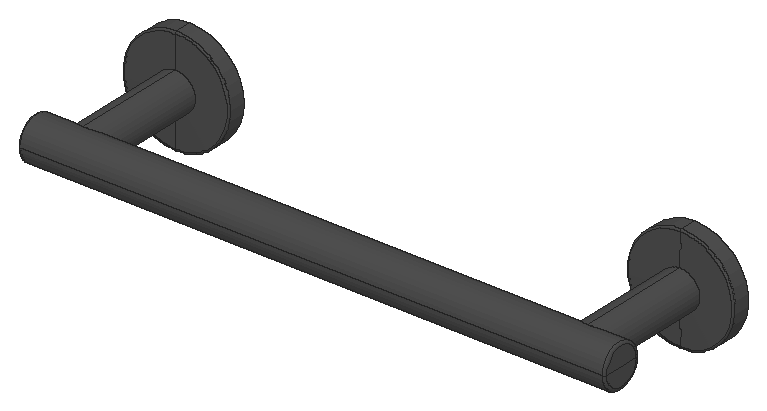
Revit family "Reece_Accessory_Roca_Ona_Single Towel Rail", category Plumbing Fixtures, Revit 2018
Family settings
  Round Connector Dimension = Use Diameter
  Part Type = Normal
  Work Plane-Based = Yes
  Always vertical = Yes
  Cut with Voids When Loaded = Yes
  Shared = Yes
  Room Calculation Point = Yes
Parameters (values of type "260mm_Matte Black")
  URL = "https://www.reece.com.au/product/-15068"
  Type Comments = "Accessory"
  Reece_Rail_Width = Reece_Fixing_Distance + 42.0 mm  # 302.0 mm
  Reece_Product_Web Page = "https://www.reece.com.au/product/-15068"
  Reece_Product_Type = "Accessory"  # constant formula
  Reece_Product_Sub Brand = "Ona"  # constant formula
  Reece_Product_Number = "15068"
  Reece_Product_Mount = "Wall Mounted"  # constant formula
  Reece_Product_Description = "Roca Ona Single Towel Rail 300mm Matte Black"
  Reece_Product_Brand = "Roca"  # constant formula
  Reece_Overall_Width = Reece_Fixing_Distance + 55.0 mm  # 315.0 mm
  Reece_Overall_Projection = 84.5 mm  # constant formula
  Reece_Overall_Height [instance] = 55.0 mm  # constant formula
  Reece_Material_Main = Reece_Brass_Matte Black
  Reece_Height_From_Level [instance] = 1000.0 mm
  Reece_Fixing_Limit [instance] = if(Reece_Height_From_Level < 28.0 mm, 28.0 mm, if(Reece_Height_From_Level > 28.0 mm, Reece_Height_From_Level, Reece_Height_From_Level))  # 1000.0 mm
  Reece_Fixing_Distance = 260.0 mm
  Reece_Detail_Shape = ""
  Reece_Detail_Installation = ""
  Reece_Detail_Disclaimer = "THIS FILE IS THE PROPERTY OF THE REECE GROUP. IT MAY NOT BE REPRODUCED, REVERSE-ENGINEERED, OR MODIFIED. ANY REPUBLICATION, TRANSMISSION, OR DISTRIBUTION FOR THE PURPOSE OF COMMERCIALLY EXPLOITING THE FILES IS PROHIBITED."  # constant formula
  Reece_Detail_Additional = "Single Towel Rail\r\n"  # constant formula
  Model = "Ona"
  Manufacturer = "Roca"
  Keynote = "Product #15068, Reece_Accessory_Roca_Ona_Single Towel Rail - 260mm_Matte Black"
  Disclaimer = "THIS FILE IS THE PROPERTY OF THE REECE GROUP. IT MAY NOT BE REPRODUCED, REVERSE-ENGINEERED, OR MODIFIED. ANY REPUBLICATION, TRANSMISSION, OR DISTRIBUTION FOR THE PURPOSE OF COMMERCIALLY EXPLOITING THE FILES IS PROHIBITED."  # constant formula
  Description = "Roca Ona Single Towel Rail 300mm Matte Black"
  Default Elevation = 0.0 mm
Types (11, lengths in mm): name | URL | Reece_Rail_Width | Reece_Product_Web Page | Reece_Product_Number | Reece_Product_Description | Reece_Overall_Width | Reece_Material_Main | Reece_Fixing_Distance | Keynote | Description
  (no name) | "https://www.reece.com.au/product/-15067" | 302.0 | "https://www.reece.com.au/product/-15067" | "15067" | "Roca Ona Single Towel Rail 300mm Chrome" | 315.0 | Reece_Brass_Chrome | 260.0 | "Product #15067, Reece_Accessory_Roca_Ona_Single Towel Rail -  " | "Roca Ona Single Towel Rail 300mm Chrome"
  260mm_Matte Black | "https://www.reece.com.au/product/-15068" | 302.0 | "https://www.reece.com.au/product/-15068" | "15068" | "Roca Ona Single Towel Rail 300mm Matte Black" | 315.0 | Reece_Brass_Matte Black | 260.0 | "Product #15068, Reece_Accessory_Roca_Ona_Single Towel Rail - 260mm_Matte Black" | "Roca Ona Single Towel Rail 300mm Matte Black"
  260mm_Brushed Nickel | "https://www.reece.com.au/product/-15070" | 302.0 | "https://www.reece.com.au/product/-15070" | "15070" | "Roca Ona Single Towel Rail 300mm Brushed Nickel" | 315.0 | Reece_Brass_Brushed Nickel | 260.0 | "Product #15070, Reece_Accessory_Roca_Ona_Single Towel Rail - 260mm_Brushed Nickel" | "Roca Ona Single Towel Rail 300mm Brushed Nickel"
  260mm_Brushed Brass | "https://www.reece.com.au/product/-15071" | 302.0 | "https://www.reece.com.au/product/-15071" | "15071" | "Roca Ona Single Towel Rail 300mm Brushed Brass" | 315.0 | Reece_Brass_Brushed | 260.0 | "Product #15071, Reece_Accessory_Roca_Ona_Single Towel Rail - 260mm_Brushed Brass" | "Roca Ona Single Towel Rail 300mm Brushed Brass"
  260mm_Chrome | "https://www.reece.com.au/product/-15067" | 302.0 | "https://www.reece.com.au/product/-15067" | "15067" | "Roca Ona Single Towel Rail 300mm Chrome" | 315.0 | Reece_Brass_Chrome | 260.0 | "Product #15067, Reece_Accessory_Roca_Ona_Single Towel Rail - 260mm_Chrome" | "Roca Ona Single Towel Rail 300mm Chrome"
  260mm_Matte White | "https://www.reece.com.au/product/-15069" | 302.0 | "https://www.reece.com.au/product/-15069" | "15069" | "Roca Ona Single Towel Rail 300mm Matte White" | 315.0 | Reece_Brass_Brushed Matte White | 260.0 | "Product #15069, Reece_Accessory_Roca_Ona_Single Towel Rail - 260mm_Matte White" | "Roca Ona Single Towel Rail 300mm Matte White"
  744mm_Matte White | "https://www.reece.com.au/product/-15074" | 786.0 | "https://www.reece.com.au/product/-15074" | "15074" | "Roca Ona Single Towel Rail 800mm Matte White" | 799.0 | Reece_Brass_Brushed Matte White | 744.0 | "Product #15074, Reece_Accessory_Roca_Ona_Single Towel Rail - 744mm_Matte White" | "Roca Ona Single Towel Rail 800mm Matte White"
  744mm_Matte Black | "https://www.reece.com.au/product/-15073" | 786.0 | "https://www.reece.com.au/product/-15073" | "15073" | "Roca Ona Single Towel Rail 800mm Matte Black" | 799.0 | Reece_Brass_Matte Black | 744.0 | "Product #15073, Reece_Accessory_Roca_Ona_Single Towel Rail - 744mm_Matte Black" | "Roca Ona Single Towel Rail 800mm Matte Black"
  744mm_Brushed Brass | "https://www.reece.com.au/product/-15076" | 786.0 | "https://www.reece.com.au/product/-15076" | "15076" | "Roca Ona Single Towel Rail 800mm Brushed Brass" | 799.0 | Reece_Brass_Brushed | 744.0 | "Product #15076, Reece_Accessory_Roca_Ona_Single Towel Rail - 744mm_Brushed Brass" | "Roca Ona Single Towel Rail 800mm Brushed Brass"
  744mm_Brushed Nickel | "https://www.reece.com.au/product/-15075" | 786.0 | "https://www.reece.com.au/product/-15075" | "15075" | "Roca Ona Single Towel Rail 800mm Brushed Nickel" | 799.0 | Reece_Brass_Brushed Nickel | 744.0 | "Product #15075, Reece_Accessory_Roca_Ona_Single Towel Rail - 744mm_Brushed Nickel" | "Roca Ona Single Towel Rail 800mm Brushed Nickel"
  744mm_Chrome | "https://www.reece.com.au/product/-15072" | 786.0 | "https://www.reece.com.au/product/-15072" | "15072" | "Roca Ona Single Towel Rail 800mm Chrome" | 799.0 | Reece_Brass_Chrome | 744.0 | "Product #15072, Reece_Accessory_Roca_Ona_Single Towel Rail - 744mm_Chrome" | "Roca Ona Single Towel Rail 800mm Chrome"
Reference planes
  plane 1 "Center (Front/Back)": y = 0
  plane 2: z = -5
  plane 3 "Center (Left/Right)": x = 0
  plane 4 "Ref": z = 1000
  plane 5 "L": x = -130
  plane 6 "R": x = 130
  plane 7: x = -151
  plane 8: x = 151
  plane 9: y = -84.5
  plane 10: x = -27.5
  plane 11: y = -73.5
  plane 12: y = -73.5
  plane 13: z = 1027.5
  plane 14: z = 972.5
  plane 15: x = -157.5
  plane 16: x = 157.5
Forms (mm)
  Revolve 1, void
    sketch origin (-130, -14.5, 0) x (0, 0, 1) y (0, -1, 0)
      loop
        line (988.971, 7.5) -> (988.971, 4.5) -> (991.15, 4.5)
        arc (991.15, 4.5) -> (990.806, 5.982) -> (990.69, 7.5) r 10.021
        line (990.69, 7.5) -> (988.971, 7.5)
      axis (991.15, 7.5) -> (988.971, 7.5)
    angle from 0 to 360
  Extrusion 2, void
    sketch origin (-46.5, 0, 1000) x (-1, 0, 0) y (0, -1, 0)
      loop
        line (83.5, 23.424) -> (82.267, 22.712) -> (82.267, 21.288) -> (83.5, 20.576) -> (84.733, 21.288) -> (84.733, 22.712) -> (83.5, 23.424)
      loop
        line (83.5, 38.424) -> (82.267, 37.712) -> (82.267, 36.288) -> (83.5, 35.576) -> (84.733, 36.288) -> (84.733, 37.712) -> (83.5, 38.424)
    from -13.157 to 0
  Revolve 3, solid, material "Reece_Brass_Matte Black" <- "Reece_Material_Main"
    sketch origin (-1534.635, -4572, 1000) x (-1, 0, 0) y (0, -1, 0)
      loop
        line (-1383.635, -4498.5) -> (-1685.635, -4498.5) -> (-1685.635, -4508)
        arc (-1685.635, -4508) -> (-1685.362, -4508.901) -> (-1684.635, -4509.5) r 1.625
        line (-1684.635, -4509.5) -> (-1384.635, -4509.5)
        arc (-1384.635, -4509.5) -> (-1383.907, -4508.901) -> (-1383.635, -4508) r 1.625
        line (-1383.635, -4508) -> (-1383.635, -4498.5)
      axis (-1383.635, -4498.5) -> (-1685.635, -4498.5)
    angle from 0 to 360
  Revolve 4, solid, material "Reece_Brass_Matte Black" <- "Reece_Material_Main"
    sketch origin (-130, 0, 0) x (0, 0, 1) y (0, -1, 0)
      loop
        line (1000, 0) -> (1000, 75) -> (990, 75) -> (990, 9.5) -> (973.286, 9.213)
        arc (973.286, 9.213) -> (972.729, 8.974) -> (972.5, 8.414) r 0.8
        line (972.5, 8.414) -> (972.5, 0) -> (1000, 0)
      axis (1000, 0) -> (1000, 75)
    angle from 0 to 360
  Revolve 5, solid, material "Reece_Brass_Matte Black" <- "Reece_Material_Main"
    sketch origin (130, -4572, 1034.431) x (0, 0, 1) y (0, -1, 0)
      loop
        line (-34.431, -4572) -> (-34.431, -4497) -> (-44.431, -4497) -> (-44.431, -4562.5) -> (-61.144, -4562.787)
        arc (-61.144, -4562.787) -> (-61.701, -4563.026) -> (-61.931, -4563.586) r 0.8
        line (-61.931, -4563.586) -> (-61.931, -4572) -> (-34.431, -4572)
      axis (-34.431, -4572) -> (-34.431, -4497)
    angle from 0 to 360
  Extrusion 6, void
    sketch origin (46.5, 0, 1000) x (1, 0, 0) y (0, 1, 0)
      loop
        line (83.5, -23.424) -> (84.733, -22.712) -> (84.733, -21.288) -> (83.5, -20.576) -> (82.267, -21.288) -> (82.267, -22.712) -> (83.5, -23.424)
      loop
        line (83.5, -38.424) -> (84.733, -37.712) -> (84.733, -36.288) -> (83.5, -35.576) -> (82.267, -36.288) -> (82.267, -37.712) -> (83.5, -38.424)
    from -13.157 to 0
  Revolve 7, void
    sketch origin (-130, -29.5, 0) x (0, 0, 1) y (0, -1, 0)
      loop
        line (988.971, 7.5) -> (988.971, 4.5) -> (991.15, 4.5)
        arc (991.15, 4.5) -> (990.806, 5.982) -> (990.69, 7.5) r 10.021
        line (990.69, 7.5) -> (988.971, 7.5)
      axis (991.15, 7.5) -> (988.971, 7.5)
    angle from 0 to 360
  Revolve 8, void
    sketch origin (130, 0, 0) x (0, 0, 1) y (0, -1, 0)
      loop
        line (988.971, 22) -> (988.971, 19) -> (991.15, 19)
        arc (991.15, 19) -> (990.806, 20.482) -> (990.69, 22) r 10.021
        line (990.69, 22) -> (988.971, 22)
      axis (991.15, 22) -> (988.971, 22)
    angle from 0 to 360
  Revolve 9, void
    sketch origin (130, 0, 0) x (0, 0, 1) y (0, -1, 0)
      loop
        line (988.971, 37) -> (988.971, 34) -> (991.15, 34)
        arc (991.15, 34) -> (990.806, 35.482) -> (990.69, 37) r 10.021
        line (990.69, 37) -> (988.971, 37)
      axis (991.15, 37) -> (988.971, 37)
    angle from 0 to 360
Cuts and joins
  Extrusion 6, Revolve 7, Revolve 8, Revolve 9 cuts Revolve 3
  Revolve 1, Extrusion 2, Extrusion 6, Revolve 7, Revolve 8, Revolve 9 cuts Revolve 4
  Extrusion 6, Revolve 7, Revolve 8, Revolve 9 cuts Revolve 5
  joined: Revolve 3, Revolve 4, Revolve 5
Lines and regions (mm)
  model lines, style "InvisibleLines"
    curve 1: line (0, 0, -5) -> (0, 0, 1000)
Text (mm)
  text "Reece Copyright © 2018, Reece Ltd." at (-461.788, -247.629, 0), in view "Ref. Level"
  text "Reece ©" at (-193.423, 516.328, 624.09), in view "Reece Preview"
Dimensions and locks
  plane 4 "Ref" to Revolve 1 sketch curve to Revolve 1 sketch curve to Revolve 1 sketch curve = 8.85 mm locked, 0.46 mm locked, 1.72 mm locked
  "Reece_Overall_Projection": plane 9 to plane 1 "Center (Front/Back)"
  locked: plane 12 to plane 9 at 11
  equal spacing: plane 5 "L", plane 3 "Center (Left/Right)", plane 6 "R"
  "Reece_Fixing_Distance": plane 5 "L" to plane 6 "R"
  equal spacing: plane 7, plane 3 "Center (Left/Right)", plane 8
  "Reece_Rail_Width": plane 7 to plane 8
  locked: plane 7 to Revolve 3 sketch curve at 1
  locked: Revolve 3 sketch curve to plane 8 at 1
  "Reece_Fixing_Limit": plane 4 "Ref" to level
  plane 4 "Ref" to Revolve 4 sketch curve to Revolve 4 sketch curve to Revolve 4 sketch curve = 10.0 mm locked, 16.714 mm locked, 0.786 mm locked
  plane 4 "Ref" to Revolve 5 sketch curve to Revolve 5 sketch curve to Revolve 5 sketch curve = 10.0 mm locked, 16.714 mm locked, 0.786 mm locked
  Revolve 7 sketch curve to Revolve 7 sketch curve to Revolve 7 sketch curve = 0.46 mm locked, 1.72 mm locked
  Revolve 8 sketch curve to Revolve 8 sketch curve to Revolve 8 sketch curve = 0.46 mm locked, 1.72 mm locked
  Revolve 9 sketch curve to Revolve 9 sketch curve to Revolve 9 sketch curve = 0.46 mm locked, 1.72 mm locked
  equal spacing: plane 14, plane 4 "Ref", plane 13
  "Reece_Overall_Height": plane 14 to plane 13
  equal spacing: plane 15, plane 3 "Center (Left/Right)", plane 16
  "Reece_Overall_Width": plane 15 to plane 16
  aligned and locked: Revolve 3 sketch curve to plane 11
  aligned and locked: plane 7 to Revolve 3 sketch curve
  aligned and locked: Revolve 3 sketch curve to plane 8
  aligned and locked: Revolve 4 sketch curve to plane 4 "Ref"
  aligned and locked: plane 4 "Ref" to Revolve 5 sketch curve
Automatic sketch dimensions
  curve 1 to plane 3 "Center (Left/Right)" = 0.0 mm
  curve 1 to plane 2 = 0.0 mm
  curve 1 to plane 4 "Ref" = 0.0 mm
  plane 4 "Ref" to Revolve 1 sketch curve = 0.711 mm
  plane 1 "Center (Front/Back)" to Revolve 1 sketch curve = 19.0 mm
  plane 1 "Center (Front/Back)" to Revolve 1 sketch curve = 22.0 mm
  Revolve 1 sketch curve to Revolve 1 sketch curve = 571.832 mm
  Revolve 1 sketch curve to Revolve 1 sketch curve = 50.0 mm
  Extrusion 2 sketch curve to plane 5 "L" = 0.0 mm  (x4)
  plane 5 "L" to Extrusion 2 sketch curve = 1.233 mm  (x2)
  Extrusion 2 sketch curve to plane 5 "L" = 1.233 mm  (x2)
  plane 1 "Center (Front/Back)" to Extrusion 2 sketch curve = 20.576 mm
  Extrusion 2 sketch curve to Extrusion 2 sketch curve = 0.712 mm  (x6)
  Extrusion 2 sketch curve to Extrusion 2 sketch curve = 1.424 mm  (x4)
  Extrusion 2 sketch curve to Extrusion 2 sketch curve = 12.152 mm
  plane 11 to Revolve 3 sketch curve = 0.0 mm
  Revolve 3 sketch curve to plane 8 = 1.625 mm
  Revolve 3 sketch curve to Revolve 3 sketch curve = 1.625 mm
  plane 11 to Revolve 3 sketch curve = 9.5 mm
  plane 6 "R" to Revolve 3 sketch curve = 14.402 mm
  Revolve 3 sketch curve to plane 7 = 97.902 mm
  Revolve 4 sketch curve to plane 1 "Center (Front/Back)" = 0.0 mm
  Revolve 4 sketch curve to plane 4 "Ref" = 0.0 mm
  Revolve 4 sketch curve to Revolve 4 sketch curve = 0.8 mm
  plane 1 "Center (Front/Back)" to Revolve 4 sketch curve = 8.414 mm
  plane 1 "Center (Front/Back)" to Revolve 4 sketch curve = 9.5 mm
  Revolve 4 sketch curve to plane 12 = 1.5 mm
  Revolve 4 sketch curve to Revolve 4 sketch curve = 11.642 mm
  Revolve 4 sketch curve to Revolve 4 sketch curve = 0.0 mm
  Revolve 5 sketch curve to plane 1 "Center (Front/Back)" = 0.0 mm
  Revolve 5 sketch curve to plane 4 "Ref" = 0.0 mm
  Revolve 5 sketch curve to Revolve 5 sketch curve = 0.8 mm
  Revolve 5 sketch curve to Revolve 5 sketch curve = 8.414 mm
  Revolve 5 sketch curve to plane 1 "Center (Front/Back)" = 9.5 mm
  plane 12 to Revolve 5 sketch curve = 1.5 mm
  plane 1 "Center (Front/Back)" to Revolve 5 sketch curve = 11.642 mm
  Revolve 5 sketch curve to Revolve 5 sketch curve = 0.0 mm
  Extrusion 6 sketch curve to plane 6 "R" = 0.0 mm  (x4)
  Extrusion 6 sketch curve to plane 6 "R" = 1.233 mm  (x2)
  plane 6 "R" to Extrusion 6 sketch curve = 1.233 mm  (x2)
  Extrusion 6 sketch curve to plane 1 "Center (Front/Back)" = 20.576 mm
  Extrusion 6 sketch curve to Extrusion 6 sketch curve = 0.712 mm  (x6)
  Extrusion 6 sketch curve to Extrusion 6 sketch curve = 1.424 mm  (x4)
  Extrusion 6 sketch curve to Extrusion 6 sketch curve = 12.152 mm
  Revolve 7 sketch curve to plane 4 "Ref" = 11.029 mm
  plane 4 "Ref" to Revolve 7 sketch curve = 0.711 mm
  plane 1 "Center (Front/Back)" to Revolve 7 sketch curve = 34.0 mm
  plane 12 to Revolve 7 sketch curve = 36.5 mm
  Revolve 7 sketch curve to Revolve 7 sketch curve = 571.832 mm
  Revolve 7 sketch curve to Revolve 7 sketch curve = 50.0 mm
  plane 4 "Ref" to Revolve 9 sketch curve = 11.029 mm
  Revolve 9 sketch curve to plane 4 "Ref" = 0.711 mm
  Revolve 9 sketch curve to plane 1 "Center (Front/Back)" = 34.0 mm
  Revolve 9 sketch curve to plane 12 = 36.5 mm
  plane 13 to Revolve 9 sketch curve = 545.044 mm
  Revolve 9 sketch curve to Revolve 9 sketch curve = 50.0 mm
  plane 4 "Ref" to Revolve 8 sketch curve = 11.029 mm
  Revolve 8 sketch curve to plane 4 "Ref" = 0.711 mm
  Revolve 8 sketch curve to plane 1 "Center (Front/Back)" = 19.0 mm
  Revolve 8 sketch curve to plane 1 "Center (Front/Back)" = 22.0 mm
  plane 13 to Revolve 8 sketch curve = 545.044 mm
  Revolve 8 sketch curve to Revolve 8 sketch curve = 50.0 mm
